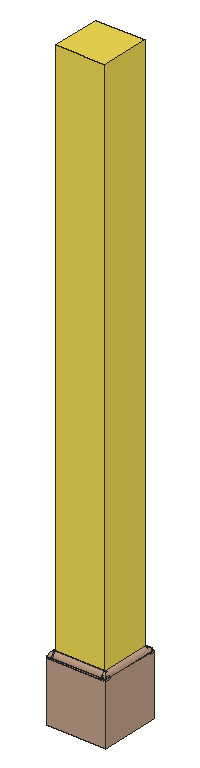
Revit family "Column 3", category 柱, Revit 2022
Family settings
  OmniClass 編號 = 23.25.30.11.14.11
  OmniClass 標題 = Columns
  載入時使用空心切割 = 否
  自動將幾何圖形接合到牆 = 是
  共用 = 否
  展示平面視圖中預先切割的族群 = 是
Parameters
  Half column width = Column width / 2  # 125 mm
  Half base width = Base width / 2  # 150 mm
  Column width = Base width - 50 mm  # 250 mm
  Base width = 300 mm
  Base height = 330 mm
Reference planes
  plane 1 "中心 (前/後)": y = 0
  plane 2: z = 0
  plane 3 "中心 (左/右)": x = 0
  plane 4 "左": x = -150
  plane 5 "右": x = 150
  plane 6 "後": y = 150
  plane 7 "前": y = -150
  plane 8: x = -125
  plane 9: x = 125
  plane 10: y = 125
  plane 11: y = -125
  plane 12: z = 330
  plane 13: z = 300
Forms (mm)
  Extrusion 1, solid, material "油漆"
    sketch origin (0, 0, 0) x (1, 0, 0) y (0, 1, 0)
      loop
        line (-150, 150) -> (-150, -150) -> (150, -150) -> (150, 150) -> (-150, 150)
    from 0 to 300
  Extrusion 2, solid, material "油漆"
    sketch origin (0, 0, 0) x (1, 0, 0) y (0, 0, 1)
      loop
        line (125, 330) -> (125, 300) -> (150, 300) -> (150, 305.093) -> (145, 305.093)
        arc (145, 305.093) -> (139.88, 321.465) -> (125, 330) r 23.508
    from -150 to 150
  Extrusion 3, solid, material "油漆"
    sketch origin (0, 0, 0) x (1, 0, 0) y (0, 1, 0)
      loop
        line (-125, 125) -> (-125, -125) -> (125, -125) -> (125, 125) -> (-125, 125)
    from 300 to 330
  Extrusion 4, solid, material "油漆"
    sketch origin (0, 0, 0) x (0, 1, 0) y (0, 0, -1)
      loop
        arc (125, -330) -> (139.88, -321.465) -> (145, -305.093) r 23.508
        line (145, -305.093) -> (150, -305.093) -> (150, -300) -> (125, -300) -> (125, -330)
    from -150 to 150
  Extrusion 5, solid, material "油漆"
    sketch origin (0, 0, 0) x (-1, 0, 0) y (0, 0, 1)
      loop
        line (125, 330) -> (125, 300) -> (150, 300) -> (150, 305.093) -> (145, 305.093)
        arc (145, 305.093) -> (139.88, 321.465) -> (125, 330) r 23.508
    from -150 to 150
  Extrusion 6, solid, material "油漆"
    sketch origin (0, 0, 0) x (0, -1, 0) y (0, 0, 1)
      loop
        line (125, 330) -> (125, 300) -> (150, 300) -> (150, 305.093) -> (145, 305.093)
        arc (145, 305.093) -> (139.88, 321.465) -> (125, 330) r 23.508
    from -150 to 150
  Extrusion 7, void
    sketch origin (0, -125, 0) x (1, 0, 0) y (0, 0, 1)
      loop
        arc (125, 330) -> (139.88, 321.465) -> (145, 305.093) r 23.508
        line (145, 305.093) -> (150, 305.093) -> (150, 330) -> (125, 330)
    from 0 to 25
  Extrusion 8, void
    sketch origin (125, 0, 0) x (0, -1, 0) y (0, 0, -1)
      loop
        line (125, -330) -> (150, -330) -> (150, -305.093) -> (145, -305.093)
        arc (145, -305.093) -> (139.88, -321.465) -> (125, -330) r 23.508
    from 0 to 25
  Extrusion 9, void
    sketch origin (150, 0, 0) x (0, 1, 0) y (0, 0, -1)
      loop
        line (125, -330) -> (150, -330) -> (150, -305.093) -> (145, -305.093)
        arc (145, -305.093) -> (139.88, -321.465) -> (125, -330) r 23.508
    from 0 to 25
  Extrusion 10, void
    sketch origin (0, 150, 0) x (1, 0, 0) y (0, 0, 1)
      loop
        arc (125, 330) -> (139.88, 321.465) -> (145, 305.093) r 23.508
        line (145, 305.093) -> (150, 305.093) -> (150, 330) -> (125, 330)
    from 0 to 25
  Extrusion 11, void
    sketch origin (0, 150, 0) x (-1, 0, 0) y (0, 0, -1)
      loop
        line (125, -330) -> (150, -330) -> (150, -305.093) -> (145, -305.093)
        arc (145, -305.093) -> (139.88, -321.465) -> (125, -330) r 23.508
    from 0 to 25
  Extrusion 12, void
    sketch origin (-150, 0, 0) x (0, 1, 0) y (0, 0, 1)
      loop
        arc (125, 330) -> (139.88, 321.465) -> (145, 305.093) r 23.508
        line (145, 305.093) -> (150, 305.093) -> (150, 330) -> (125, 330)
    from 0 to 25
  Extrusion 13, void
    sketch origin (0, -125, 0) x (-1, 0, 0) y (0, 0, -1)
      loop
        line (125, -330) -> (150, -330) -> (150, -305.093) -> (145, -305.093)
        arc (145, -305.093) -> (139.88, -321.465) -> (125, -330) r 23.508
    from 0 to 25
  Extrusion 14, void
    sketch origin (-125, 0, 0) x (0, -1, 0) y (0, 0, 1)
      loop
        arc (125, 330) -> (139.88, 321.465) -> (145, 305.093) r 23.508
        line (145, 305.093) -> (150, 305.093) -> (150, 330) -> (125, 330)
    from 0 to 25
  Extrusion 15, solid, material "油漆(1)"
    sketch origin (0, 0, 0) x (1, 0, 0) y (0, 1, 0)
      loop
        line (-125, 125) -> (-125, -125) -> (125, -125) -> (125, 125) -> (-125, 125)
    from 330 <- "Base height" to 3048
Cuts and joins
  Extrusion 7, Extrusion 8, Extrusion 9, Extrusion 10, Extrusion 11, Extrusion 13 cuts Extrusion 1
  Extrusion 7, Extrusion 8, Extrusion 9, Extrusion 10, Extrusion 11, Extrusion 13 cuts Extrusion 2
  Extrusion 7, Extrusion 8, Extrusion 9, Extrusion 10, Extrusion 11, Extrusion 13 cuts Extrusion 3
  joined: Extrusion 1, Extrusion 2, Extrusion 3
  Extrusion 7, Extrusion 8, Extrusion 9, Extrusion 13, Extrusion 14 cuts Extrusion 6
  Extrusion 10, Extrusion 11, Extrusion 12 cuts Extrusion 4
  Extrusion 12, Extrusion 14 cuts Extrusion 5
Dimensions and locks
  "Half base width": plane 7 "前" to plane 1 "中心 (前/後)" to plane 6 "後"
  "Half base width": plane 4 "左" to plane 3 "中心 (左/右)" to plane 5 "右"
  "Half column width": plane 8 to plane 3 "中心 (左/右)" to plane 9
  "Half column width": plane 10 to plane 1 "中心 (前/後)" to plane 11
  "Base height": plane 12 to level
  plane 12 to plane 13 = 30 mm
  aligned and locked: level to plane 2
  aligned and locked: plane 6 "後" to Extrusion 1 sketch curve
  aligned and locked: Extrusion 1 sketch curve to plane 4 "左"
  aligned and locked: Extrusion 1 sketch curve to plane 7 "前"
  aligned and locked: plane 5 "右" to Extrusion 1 sketch curve
  aligned and locked: plane 13 to Extrusion 1
  aligned and locked: Extrusion 2 sketch curve to plane 5 "右"
  aligned and locked: Extrusion 3 sketch curve to plane 10
  aligned and locked: plane 8 to Extrusion 3 sketch curve
  aligned and locked: plane 11 to Extrusion 3 sketch curve
  aligned and locked: Extrusion 3 sketch curve to plane 9
  aligned and locked: Extrusion 2 to plane 6 "後"
  aligned and locked: plane 7 "前" to Extrusion 2
  aligned and locked: Extrusion 5 sketch curve to plane 13
  aligned and locked: Extrusion 5 sketch curve to plane 8
  aligned and locked: Extrusion 5 to plane 6 "後"
  aligned and locked: plane 7 "前" to Extrusion 5
  aligned and locked: plane 4 "左" to Extrusion 4
  aligned and locked: Extrusion 4 to plane 5 "右"
  aligned and locked: Extrusion 4 to plane 13
  aligned and locked: Extrusion 4 to plane 10
  aligned and locked: Extrusion 4 to plane 6 "後"
  aligned and locked: Extrusion 4 to cut or joined group 1 (Extrusion 1, Extrusion 2, Extrusion 3, Extrusion 7, Extrusion 8, Extrusion 9, Extrusion 10, Extrusion 11, Extrusion 13)
  aligned and locked: plane 6 "後" to Extrusion 4 sketch curve
  aligned and locked: Extrusion 4 sketch curve to cut or joined group 1
  aligned and locked: Extrusion 6 to plane 5 "右"
  aligned and locked: plane 4 "左" to Extrusion 6
  aligned and locked: plane 12 to Extrusion 7
  aligned and locked: Extrusion 7 to Extrusion 2
  aligned and locked: Extrusion 7 to plane 5 "右"
  aligned and locked: plane 7 "前" to Extrusion 7
  aligned and locked: plane 11 to Extrusion 7
  aligned and locked: Extrusion 8 to plane 5 "右"
  aligned and locked: plane 7 "前" to Extrusion 8
  aligned and locked: Extrusion 8 to plane 9
  aligned and locked: Extrusion 9 to plane 5 "右"
  aligned and locked: Extrusion 9 to plane 6 "後"
  aligned and locked: Extrusion 9 to plane 9
  aligned and locked: Extrusion 10 to plane 5 "右"
  aligned and locked: Extrusion 10 to plane 10
  aligned and locked: Extrusion 10 to plane 6 "後"
  aligned and locked: plane 4 "左" to Extrusion 11
  aligned and locked: Extrusion 11 to plane 6 "後"
  aligned and locked: Extrusion 11 to plane 10
  aligned and locked: Extrusion 11 to Extrusion 1
  aligned and locked: Extrusion 11 to Extrusion 3
  aligned and locked: Extrusion 1 to Extrusion 11
  aligned and locked: plane 11 to Extrusion 13
  aligned and locked: plane 4 "左" to Extrusion 13
  aligned and locked: plane 7 "前" to Extrusion 13
  aligned and locked: Extrusion 13 to Extrusion 1
  aligned and locked: Extrusion 1 to Extrusion 13
  aligned and locked: Extrusion 13 to Extrusion 3
  aligned and locked: plane 4 "左" to Extrusion 14
  aligned and locked: plane 8 to Extrusion 14
  aligned and locked: plane 7 "前" to Extrusion 14
  aligned and locked: plane 4 "左" to Extrusion 12
  aligned and locked: plane 8 to Extrusion 12
  aligned and locked: Extrusion 12 to plane 6 "後"
  aligned and locked: Extrusion 15 sketch curve to cut or joined group 1  (x4)
  aligned and locked: level to Extrusion 15
Automatic sketch dimensions
  Extrusion 2 sketch curve to plane 9 = 0 mm
  Extrusion 2 sketch curve to plane 13 = 0 mm
  Extrusion 2 sketch curve to plane 12 = 0 mm
  Extrusion 2 sketch curve to plane 9 = 3.45 mm
  plane 5 "右" to Extrusion 2 sketch curve = 5 mm
  plane 13 to Extrusion 2 sketch curve = 5.093 mm
  Extrusion 4 sketch curve to plane 10 = 0 mm
  Extrusion 4 sketch curve to plane 12 = 0 mm
  Extrusion 4 sketch curve to plane 13 = 0 mm
  Extrusion 4 sketch curve to plane 10 = 3.45 mm
  plane 6 "後" to Extrusion 4 sketch curve = 5 mm
  plane 4 "左" to Extrusion 5 sketch curve = 0 mm
  Extrusion 5 sketch curve to plane 12 = 0 mm
  plane 8 to Extrusion 5 sketch curve = 3.45 mm
  Extrusion 5 sketch curve to plane 4 "左" = 5 mm
  plane 13 to Extrusion 5 sketch curve = 5.093 mm
  Extrusion 6 sketch curve to plane 11 = 0 mm
  Extrusion 6 sketch curve to plane 7 "前" = 0 mm
  Extrusion 6 sketch curve to plane 13 = 0 mm
  Extrusion 6 sketch curve to plane 12 = 0 mm
  plane 11 to Extrusion 6 sketch curve = 3.45 mm
  Extrusion 6 sketch curve to plane 7 "前" = 5 mm
  plane 13 to Extrusion 6 sketch curve = 5.093 mm
  Extrusion 7 sketch curve to plane 9 = 0 mm
  plane 5 "右" to Extrusion 7 sketch curve = 0 mm
  Extrusion 7 sketch curve to plane 12 = 0 mm
  Extrusion 7 sketch curve to plane 9 = 3.45 mm
  plane 5 "右" to Extrusion 7 sketch curve = 5 mm
  Extrusion 7 sketch curve to Extrusion 7 sketch curve = 23.254 mm
  Extrusion 8 sketch curve to plane 11 = 0 mm
  Extrusion 8 sketch curve to plane 7 "前" = 0 mm
  Extrusion 8 sketch curve to plane 12 = 0 mm
  plane 11 to Extrusion 8 sketch curve = 3.45 mm
  Extrusion 8 sketch curve to plane 7 "前" = 5 mm
  Extrusion 8 sketch curve to Extrusion 8 sketch curve = 23.254 mm
  Extrusion 9 sketch curve to plane 10 = 0 mm
  Extrusion 9 sketch curve to plane 6 "後" = 0 mm
  Extrusion 9 sketch curve to plane 12 = 0 mm
  Extrusion 9 sketch curve to plane 10 = 3.45 mm
  plane 6 "後" to Extrusion 9 sketch curve = 5 mm
  Extrusion 9 sketch curve to Extrusion 9 sketch curve = 23.254 mm
  Extrusion 10 sketch curve to plane 9 = 0 mm
  plane 5 "右" to Extrusion 10 sketch curve = 0 mm
  Extrusion 10 sketch curve to plane 12 = 0 mm
  Extrusion 10 sketch curve to plane 9 = 3.45 mm
  plane 5 "右" to Extrusion 10 sketch curve = 5 mm
  Extrusion 10 sketch curve to Extrusion 10 sketch curve = 23.254 mm
  Extrusion 11 sketch curve to plane 8 = 0 mm
  plane 4 "左" to Extrusion 11 sketch curve = 0 mm
  Extrusion 11 sketch curve to plane 12 = 0 mm
  plane 8 to Extrusion 11 sketch curve = 3.45 mm
  Extrusion 11 sketch curve to plane 4 "左" = 5 mm
  Extrusion 11 sketch curve to Extrusion 11 sketch curve = 23.254 mm
  Extrusion 12 sketch curve to plane 10 = 0 mm
  Extrusion 12 sketch curve to plane 6 "後" = 0 mm
  Extrusion 12 sketch curve to plane 12 = 0 mm
  Extrusion 12 sketch curve to plane 10 = 3.45 mm
  plane 6 "後" to Extrusion 12 sketch curve = 5 mm
  Extrusion 12 sketch curve to Extrusion 12 sketch curve = 23.254 mm
  Extrusion 13 sketch curve to plane 8 = 0 mm
  plane 4 "左" to Extrusion 13 sketch curve = 0 mm
  Extrusion 13 sketch curve to plane 12 = 0 mm
  plane 8 to Extrusion 13 sketch curve = 3.45 mm
  Extrusion 13 sketch curve to plane 4 "左" = 5 mm
  Extrusion 13 sketch curve to Extrusion 13 sketch curve = 23.254 mm
  Extrusion 14 sketch curve to plane 11 = 0 mm
  Extrusion 14 sketch curve to plane 7 "前" = 0 mm
  Extrusion 14 sketch curve to plane 12 = 0 mm
  plane 11 to Extrusion 14 sketch curve = 3.45 mm
  Extrusion 14 sketch curve to plane 7 "前" = 5 mm
  Extrusion 14 sketch curve to Extrusion 14 sketch curve = 23.254 mm
